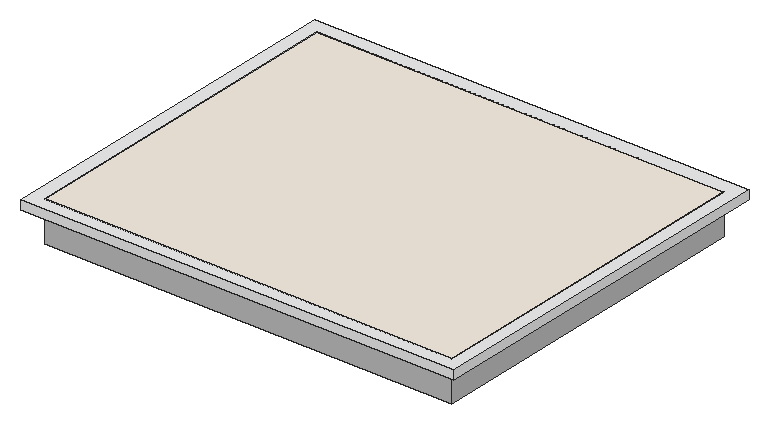
Revit family "Lighting-Industriale-GEWISS-ELIA-HL-LED_RIFLETTORE", category Apparecchi per illuminazione, host Superficie, Revit 2019 (continued)
Types (12, lengths in mm): name | Tensione | Scheda Tecnica | Potenza di sistema | Peso (kg): | Peso (kg) | Ottica | built-in parameter 1150142 | Lumen output (lm) | Modello | IDT | File diagramma fotometrico | Description
    3.20 4720.80 4561.20 \r\n4397.40 4233.60 4076.80 3921.40 3766.00 3614.80 3469.20 \r\n3326.40 3183.60 3045.00 2907.80 2775.36 2650.48 2530.08 \r\n2412.48 2297.68 2183.44 2072.42 1966.44 1863.82 1762.60 \r\n1663.76 1566.46 1471.96 1380.82 1293.46 1210.86 1133.16 \r\n1060.92 993.16 929.88 869.82 811.58 755.86 703.50 652.96 \r\n603.54 555.66 509.88 466.06 424.20 384.02 344.96 308.42 \r\n275.70 245.55 217.20 190.57 165.23 141.55 119.85 99.88 \r\n81.31 64.58 49.95 37.44 27.14 19.13 13.72 10.39 8.66 8.69 \r\n8142.40 8142.40 8142.40 8145.20 8146.60 8148.00 8150.80 \r\n8153.60 8156.40 8160.60 8163.40 8167.60 8173.20 8177.40 \r\n8183.00 8188.60 8195.60 8201.20 8209.60 8216.60 8225.00 \r\n8232.00 8240.40 8247.40 8255.80 8262.80 8269.80 8278.20 \r\n8286.60 8293.60 8302.00 8310.40 8318.80 8327.20 8337.00 \r\n8346.80 8356.60 8367.80 8377.60 8388.80 8398.60 8409.80 \r\n8419.60 8430.80 8442.00 8451.80 8463.00 8474.20 8484.00 \r\n8496.60 8507.80 8519.00 8530.20 8541.40 8551.20 8562.40 \r\n8573.60 8583.40 8594.60 8603.00 8611.40 8617.00 8624.00 \r\n8628.20 8633.80 8636.60 8639.40 8639.40 8639.40 8636.60 \r\n8633.80 8631.00 8625.40 8618.40 8608.60 8597.40 8584.80 \r\n8570.80 8552.60 8535.80 8514.80 8493.80 8470.00 8444.80 \r\n8416.80 8387.40 8355.20 8320.20 8282.40 8246.00 8205.40 \r\n8157.80 8106.00 8048.60 7987.00 7919.80 7845.60 7760.20 \r\n7665.00 7560.00 7446.60 7329.00 7204.40 7081.20 6953.80 \r\n6818.00 6669.60 6507.20 6335.00 6151.60 5964.00 5776.40 \r\n5590.20 5409.60 5229.00 5054.00 4883.20 4722.20 4562.60 \r\n4397.40 4235.00 4076.80 3922.80 3767.40 3614.80 3470.60 \r\n3329.20 3186.40 3045.00 2909.20 2777.18 2652.02 2531.20 \r\n2412.76 2297.12 2183.44 2072.98 1967.28 1864.38 1763.44 \r\n1664.46 1567.30 1472.66 1381.52 1294.16 1211.28 1133.44 \r\n1061.06 993.30 929.88 869.82 811.72 756.00 703.36 652.96 \r\n603.54 555.80 510.30 466.62 424.48 384.30 345.38 308.98 \r\n276.04 245.74 217.32 190.65 165.37 141.74 120.01 99.97 \r\n81.42 64.71 49.99 37.44 27.17 19.24 13.86 10.51 8.74 8.69 \r\n8142.40 8142.40 8142.40 8145.20 8146.60 8148.00 8149.40 \r\n8153.60 8156.40 8159.20 8163.40 8167.60 8173.20 8177.40 \r\n8183.00 8188.60 8195.60 8201.20 8209.60 8216.60 8225.00 \r\n8232.00 8240.40 8247.40 8255.80 8264.20 8269.80 8278.20 \r\n8286.60 8295.00 8302.00 8311.80 8320.20 8330.00 8338.40 \r\n8348.20 8358.00 8369.20 8380.40 8390.20 8400.00 8409.80 \r\n8421.00 8430.80 8442.00 8453.20 8465.80 8475.60 8486.80 \r\n8496.60 8509.20 8520.40 8531.60 8542.80 8554.00 8565.20 \r\n8575.00 8586.20 8594.60 8603.00 8611.40 8619.80 8625.40 \r\n8631.00 8635.20 8639.40 8640.80 8642.20 8640.80 8639.40 \r\n8636.60 8632.40 8628.20 8619.80 8611.40 8600.20 8587.60 \r\n8572.20 8555.40 8535.80 8517.60 8495.20 8472.80 8446.20 \r\n8418.20 8387.40 8356.60 8321.60 8285.20 8246.00 8204.00 \r\n8157.80 8107.40 8050.00 7988.40 7919.80 7845.60 7761.60 \r\n7666.40 7560.00 7448.00 7329.00 7204.40 7082.60 6952.40 \r\n6815.20 6669.60 6507.20 6335.00 6151.60 5965.40 5777.80 \r\n5593.00 5409.60 5230.40 5055.40 4884.60 4723.60 4562.60 \r\n4398.80 4235.00 4078.20 3924.20 3768.80 3617.60 3472.00 \r\n3329.20 3187.80 3047.80 2912.00 2779.28 2653.84 2532.46 \r\n2413.32 2296.98 2183.58 2073.68 1968.12 1865.36 1764.42 \r\n1665.58 1568.28 1473.64 1382.36 1295.00 1212.26 1134.14 \r\n1061.76 993.86 930.30 870.10 811.86 756.28 703.50 652.96 \r\n603.68 556.22 510.86 467.32 425.18 384.58 345.80 309.40 \r\n276.56 246.08 217.55 190.83 165.59 142.02 120.23 100.13 \r\n81.58 64.83 50.06 37.44 27.23 19.36 13.99 10.63 8.82 8.70 \r\n8142.40 8142.40 8142.40 8143.80 8146.60 8148.00 8150.80 \r\n8153.60 8156.40 8159.20 8163.40 8167.60 8173.20 8177.40 \r\n8183.00 8188.60 8194.20 8201.20 8209.60 8216.60 8225.00 \r\n8232.00 8240.40 8248.80 8255.80 8264.20 8271.20 8278.20 \r\n8286.60 8295.00 8304.80 8311.80 8320.20 8330.00 8339.80 \r\n8349.60 8360.80 8369.20 8380.40 8390.20 8401.40 8412.60 \r\n8422.40 8432.20 8444.80 8454.60 8465.80 8477.00 8486.80 \r\n8499.40 8509.20 8521.80 8533.00 8544.20 8554.00 8565.20 \r\n8576.40 8586.20 8597.40 8605.80 8614.20 8621.20 8628.20 \r\n8633.80 8638.00 8640.80 8643.60 8643.60 8642.20 8640.80 \r\n8638.00 8633.80 8628.20 8621.20 8612.80 8603.00 8589.00 \r\n8573.60 8556.80 8538.60 8519.00 8498.00 8472.80 8447.60 \r\n8419.60 8388.80 8356.60 8323.00 8285.20 8247.40 8205.40 \r\n8159.20 8107.40 8050.00 7988.40 7921.20 7845.60 7761.60 \r\n7666.40 7561.40 7448.00 7329.00 7205.80 7082.60 6952.40 \r\n6815.20 6668.20 6507.20 6335.00 6154.40 5966.80 5779.20 \r\n5594.40 5411.00 5231.80 5056.80 4886.00 4723.60 4564.00 \r\n4400.20 4236.40 4078.20 3924.20 3770.20 3619.00 3474.80 \r\n3332.00 3189.20 3050.60 2913.40 2781.52 2655.80 2533.86 \r\n2413.74 2296.84 2184.00 2074.66 1969.24 1866.62 1765.68 \r\n1666.84 1569.54 1474.90 1383.48 1296.12 1213.38 1135.12 \r\n1062.60 994.56 930.86 870.38 812.28 756.70 703.92 653.10 \r\n603.96 556.64 511.42 468.02 425.74 385.14 346.36 310.24 \r\n277.10 246.48 217.85 191.10 165.89 142.35 120.51 100.34 \r\n81.77 65.00 50.15 37.46 27.29 19.48 14.12 10.75 8.89 8.71 \r\n8142.40 8142.40 8142.40 8143.80 8146.60 8149.40 8150.80 \r\n8153.60 8156.40 8159.20 8163.40 8167.60 8173.20 8177.40 \r\n8183.00 8188.60 8194.20 8201.20 8209.60 8216.60 8225.00 \r\n8232.00 8240.40 8248.80 8255.80 8264.20 8272.60 8279.60 \r\n8288.00 8296.40 8304.80 8314.60 8321.60 8331.40 8341.20 \r\n8351.00 8360.80 8370.60 8381.80 8393.00 8402.80 8412.60 \r\n8423.80 8433.60 8444.80 8456.00 8467.20 8478.40 8489.60 \r\n8499.40 8512.00 8523.20 8534.40 8545.60 8556.80 8568.00 \r\n8577.80 8589.00 8597.40 8608.60 8615.60 8624.00 8629.60 \r\n8635.20 8639.40 8642.20 8643.60 8645.00 8643.60 8642.20 \r\n8639.40 8635.20 8629.60 8624.00 8614.20 8603.00 8591.80 \r\n8576.40 8559.60 8540.00 8521.80 8499.40 8475.60 8449.00 \r\n8421.00 8391.60 8359.40 8323.00 8285.20 8247.40 8205.40 \r\n8159.20 8107.40 8051.40 7989.80 7921.20 7845.60 7761.60 \r\n7666.40 7560.00 7446.60 7329.00 7205.80 7081.20 6951.00 \r\n6813.80 6666.80 6505.80 6335.00 6154.40 5968.20 5782.00 \r\n5595.80 5412.40 5233.20 5056.80 4886.00 4723.60 4564.00 \r\n4398.80 4236.40 4078.20 3924.20 3770.20 3621.80 3476.20 \r\n3333.40 3190.60 3050.60 2914.80 2784.04 2657.76 2535.26 \r\n2414.30 2296.70 2184.28 2075.78 1970.50 1867.88 1767.22 \r\n1668.52 1571.08 1476.30 1384.88 1297.38 1214.64 1136.52 \r\n1063.72 995.54 931.56 870.80 812.70 757.26 704.20 653.38 \r\n604.24 557.06 511.98 468.72 426.44 385.84 347.20 311.08 \r\n277.72 246.99 218.25 191.42 166.25 142.74 120.83 100.59 \r\n81.98 65.20 50.25 37.49 27.36 19.61 14.25 10.86 8.96 8.72 \r\n8142.40 8142.40 8142.40 8143.80 8146.60 8149.40 8150.80 \r\n8153.60 8156.40 8159.20 8163.40 8167.60 8173.20 8177.40 \r\n8183.00 8188.60 8194.20 8202.60 8209.60 8216.60 8225.00 \r\n8233.40 8240.40 8248.80 8257.20 8264.20 8272.60 8279.60 \r\n8288.00 8296.40 8306.20 8314.60 8324.40 8332.80 8342.60 \r\n8352.40 8362.20 8373.40 8383.20 8393.00 8404.20 8414.00 \r\n8423.80 8435.00 8446.20 8457.40 8468.60 8478.40 8489.60 \r\n8502.20 8512.00 8524.60 8535.80 8545.60 8556.80 8568.00 \r\n8579.20 8590.40 8600.20 8610.00 8618.40 8625.40 8632.40 \r\n8636.60 8642.20 8645.00 8645.00 8645.00 8645.00 8643.60 \r\n8640.80 8636.60 8631.00 8625.40 8615.60 8605.80 8591.80 \r\n8577.80 8561.00 8542.80 8523.20 8500.80 8477.00 8449.00 \r\n8421.00 8391.60 8359.40 8324.40 8285.20 8247.40 8205.40 \r\n8159.20 8107.40 8051.40 7989.80 7922.60 7847.00 7760.20 \r\n7666.40 7560.00 7446.60 7329.00 7205.80 7081.20 6951.00 \r\n6812.40 6665.40 6507.20 6336.40 6155.80 5969.60 5783.40 \r\n5597.20 5415.20 5234.60 5058.20 4887.40 4725.00 4565.40 \r\n4400.20 4236.40 4079.60 3924.20 3773.00 3623.20 3479.00 \r\n3334.80 3192.00 3053.40 2917.60 2786.42 2660.14 2536.94 \r\n2415.00 2296.70 2184.84 2077.04 1971.90 1869.42 1768.76 \r\n1670.06 1572.62 1477.84 1386.42 1298.92 1216.18 1137.92 \r\n1065.12 996.52 932.40 871.50 813.26 757.82 704.62 653.66 \r\n604.66 557.62 512.82 469.56 427.14 386.26 347.90 311.78 \r\n278.52 247.56 218.69 191.79 166.64 143.19 121.20 100.86 \r\n82.22 65.41 50.36 37.53 27.45 19.73 14.38 10.97 9.03 8.73 \r\n8142.40 8142.40 8143.80 8143.80 8146.60 8149.40 8150.80 \r\n8153.60 8156.40 8159.20 8162.00 8167.60 8173.20 8177.40 \r\n8183.00 8188.60 8194.20 8202.60 8209.60 8216.60 8225.00 \r\n8233.40 8240.40 8248.80 8257.20 8265.60 8274.00 8282.40 \r\n8289.40 8297.80 8306.20 8316.00 8324.40 8334.20 8344.00 \r\n8353.80 8365.00 8373.40 8384.60 8394.40 8405.60 8415.40 \r\n8426.60 8436.40 8447.60 8458.80 8468.60 8479.80 8492.40 \r\n8502.20 8514.80 8526.00 8535.80 8548.40 8559.60 8570.80 \r\n8580.60 8591.80 8601.60 8611.40 8619.80 8626.80 8633.80 \r\n8639.40 8643.60 8646.40 8646.40 8646.40 8646.40 8645.00 \r\n8642.20 8638.00 8633.80 8625.40 8618.40 8607.20 8594.60 \r\n8579.20 8562.40 8544.20 8524.60 8502.20 8477.00 8451.80 \r\n8422.40 8393.00 8360.80 8324.40 8286.60 8247.40 8205.40 \r\n8159.20 8107.40 8052.80 7991.20 7922.60 7847.00 7760.20 \r\n7665.00 7558.60 7446.60 7327.60 7204.40 7081.20 6949.60 \r\n6812.40 6664.00 6505.80 6336.40 6155.80 5969.60 5784.80 \r\n5600.00 5415.20 5234.60 5058.20 4887.40 4725.00 4564.00 \r\n4400.20 4236.40 4079.60 3925.60 3773.00 3624.60 3479.00 \r\n3336.20 3194.80 3056.20 2920.40 2788.94 2662.24 2538.48 \r\n2415.70 2297.12 2185.68 2078.30 1973.44 1870.82 1770.44 \r\n1671.88 1574.44 1479.38 1387.96 1300.46 1217.58 1139.32 \r\n1066.38 997.78 933.10 872.06 813.82 758.38 705.18 653.94 \r\n605.08 558.18 513.52 470.40 427.84 386.96 348.60 312.62 \r\n279.22 248.16 219.18 192.19 167.08 143.65 121.58 101.15 \r\n82.47 65.60 50.48 37.59 27.52 19.86 14.51 11.08 9.10 8.74 \r\n8142.40 8142.40 8143.80 8143.80 8146.60 8148.00 8150.80 \r\n8153.60 8156.40 8159.20 8163.40 8167.60 8173.20 8176.00 \r\n8183.00 8188.60 8195.60 8202.60 8209.60 8218.00 8225.00 \r\n8233.40 8241.80 8248.80 8257.20 8265.60 8274.00 8282.40 \r\n8290.80 8299.20 8309.00 8316.00 8325.80 8335.60 8345.40 \r\n8353.80 8365.00 8374.80 8386.00 8397.20 8405.60 8416.80 \r\n8426.60 8437.80 8447.60 8458.80 8471.40 8481.20 8492.40 \r\n8503.60 8516.20 8526.00 8538.60 8549.80 8559.60 8570.80 \r\n8582.00 8593.20 8604.40 8612.80 8622.60 8628.20 8635.20 \r\n8640.80 8645.00 8647.80 8649.20 8649.20 8647.80 8646.40 \r\n8643.60 8640.80 8635.20 8628.20 8619.80 8608.60 8596.00 \r\n8582.00 8563.80 8545.60 8526.00 8503.60 8478.40 8453.20 \r\n8422.40 8393.00 8360.80 8325.80 8286.60 8247.40 8206.80 \r\n8159.20 8107.40 8052.80 7992.60 7922.60 7847.00 7760.20 \r\n7663.60 7557.20 7445.20 7326.20 7204.40 7079.80 6949.60 \r\n6811.00 6664.00 6505.80 6336.40 6157.20 5971.00 5786.20 \r\n5600.00 5418.00 5234.60 5059.60 4888.80 4725.00 4565.40 \r\n4401.60 4237.80 4079.60 3925.60 3773.00 3626.00 3481.80 \r\n3337.60 3196.20 3056.20 2923.20 2791.46 2664.34 2540.02 \r\n2416.82 2297.54 2186.52 2079.98 1974.98 1872.36 1771.98 \r\n1673.42 1575.98 1480.92 1389.64 1302.00 1219.26 1141.00 \r\n1067.78 999.04 934.08 872.76 814.66 759.08 705.46 654.36 \r\n605.36 558.74 514.22 471.24 428.54 387.52 349.44 313.60 \r\n280.10 248.79 219.70 192.65 167.54 144.12 121.98 101.47 \r\n82.74 65.83 50.62 37.67 27.62 19.99 14.63 11.18 9.17 8.75 \r\n8142.40 8142.40 8143.80 8143.80 8146.60 8148.00 8150.80 \r\n8153.60 8156.40 8159.20 8163.40 8167.60 8173.20 8176.00 \r\n8183.00 8188.60 8195.60 8202.60 8209.60 8218.00 8225.00 \r\n8233.40 8241.80 8250.20 8257.20 8265.60 8274.00 8282.40 \r\n8290.80 8300.60 8309.00 8318.80 8327.20 8337.00 8345.40 \r\n8356.60 8366.40 8377.60 8386.00 8397.20 8408.40 8416.80 \r\n8428.00 8437.80 8449.00 8460.20 8471.40 8482.60 8493.80 \r\n8505.00 8516.20 8528.80 8538.60 8549.80 8562.40 8573.60 \r\n8584.80 8596.00 8605.80 8614.20 8622.60 8631.00 8638.00 \r\n8642.20 8647.80 8649.20 8650.60 8650.60 8650.60 8647.80 \r\n8645.00 8642.20 8636.60 8629.60 8621.20 8610.00 8597.40 \r\n8582.00 8565.20 8547.00 8526.00 8505.00 8479.80 8451.80 \r\n8423.80 8394.40 8360.80 8325.80 8288.00 8247.40 8205.40 \r\n8159.20 8107.40 8052.80 7992.60 7924.00 7845.60 7758.80 \r\n7662.20 7555.80 7443.80 7324.80 7204.40 7078.40 6948.20 \r\n6809.60 6662.60 6504.40 6336.40 6157.20 5972.40 5787.60 \r\n5601.40 5418.00 5237.40 5059.60 4888.80 4726.40 4564.00 \r\n4400.20 4237.80 4079.60 3925.60 3775.80 3627.40 3481.80 \r\n3339.00 3197.60 3059.00 2923.20 2793.56 2666.30 2541.56 \r\n2417.80 2298.24 2187.64 2081.52 1976.52 1873.90 1773.66 \r\n1675.24 1577.66 1482.60 1391.04 1303.54 1220.80 1142.54 \r\n1069.18 1000.30 935.06 873.46 815.22 759.64 706.02 654.78 \r\n606.06 559.30 514.92 472.08 429.24 388.36 350.14 314.44 \r\n280.85 249.42 220.25 193.12 168.00 144.59 122.39 101.79 \r\n83.01 66.04 50.76 37.76 27.73 20.12 14.76 11.28 9.23 8.76 \r\n8142.40 8142.40 8143.80 8143.80 8146.60 8148.00 8150.80 \r\n8153.60 8156.40 8159.20 8163.40 8167.60 8173.20 8176.00 \r\n8183.00 8190.00 8195.60 8202.60 8209.60 8218.00 8225.00 \r\n8233.40 8241.80 8250.20 8258.60 8267.00 8275.40 8283.80 \r\n8292.20 8300.60 8309.00 8318.80 8328.60 8338.40 8348.20 \r\n8356.60 8366.40 8377.60 8387.40 8398.60 8408.40 8419.60 \r\n8429.40 8439.20 8450.40 8461.60 8472.80 8484.00 8495.20 \r\n8506.40 8519.00 8528.80 8541.40 8552.60 8563.80 8575.00 \r\n8586.20 8597.40 8607.20 8617.00 8624.00 8632.40 8639.40 \r\n8645.00 8647.80 8650.60 8652.00 8652.00 8650.60 8649.20 \r\n8646.40 8642.20 8636.60 8631.00 8622.60 8612.80 8598.80 \r\n8583.40 8566.60 8548.40 8527.40 8506.40 8479.80 8453.20 \r\n8425.20 8394.40 8360.80 8325.80 8288.00 8248.80 8206.80 \r\n8159.20 8108.80 8054.20 7994.00 7924.00 7845.60 7758.80 \r\n7660.80 7554.40 7442.40 7323.40 7203.00 7077.00 6948.20 \r\n6808.20 6661.20 6503.00 6335.00 6157.20 5972.40 5787.60 \r\n5602.80 5418.00 5237.40 5061.00 4890.20 4726.40 4565.40 \r\n4400.20 4239.20 4079.60 3925.60 3775.80 3628.80 3483.20 \r\n3340.40 3199.00 3060.40 2926.00 2796.08 2668.26 2543.24 \r\n2418.92 2299.22 2188.90 2083.20 1978.34 1875.58 1775.20 \r\n1676.78 1579.06 1483.86 1392.58 1305.08 1222.34 1144.22 \r\n1070.72 1001.42 935.90 874.02 815.78 760.20 706.44 655.06 \r\n606.34 559.86 515.62 472.64 429.94 388.92 350.98 315.28 \r\n281.64 250.05 220.79 193.59 168.48 145.04 122.79 102.10 \r\n83.26 66.25 50.92 37.86 27.84 20.25 14.87 11.38 9.29 8.77 \r\n8142.40 8142.40 8143.80 8143.80 8146.60 8148.00 8150.80 \r\n8153.60 8156.40 8159.20 8163.40 8167.60 8173.20 8176.00 \r\n8183.00 8190.00 8197.00 8202.60 8211.00 8218.00 8226.40 \r\n8234.80 8241.80 8250.20 8258.60 8267.00 8275.40 8283.80 \r\n8292.20 8300.60 8310.40 8318.80 8328.60 8338.40 8348.20 \r\n8358.00 8369.20 8377.60 8387.40 8398.60 8409.80 8419.60 \r\n8430.80 8440.60 8451.80 8461.60 8474.20 8485.40 8496.60 \r\n8509.20 8519.00 8531.60 8542.80 8554.00 8566.60 8577.80 \r\n8589.00 8600.20 8610.00 8618.40 8626.80 8633.80 8640.80 \r\n8646.40 8649.20 8652.00 8654.80 8654.80 8652.00 8650.60 \r\n8647.80 8643.60 8638.00 8632.40 8622.60 8614.20 8600.20 \r\n8584.80 8568.00 8548.40 8528.80 8506.40 8481.20 8454.60 \r\n8425.20 8394.40 8362.20 8327.20 8289.40 8250.20 8208.20 \r\n8160.60 8110.20 8055.60 7995.40 7925.40 7845.60 7757.40 \r\n7659.40 7553.00 7438.20 7323.40 7201.60 7078.40 6948.20 \r\n6808.20 6659.80 6503.00 6335.00 6155.80 5972.40 5787.60 \r\n5601.40 5418.00 5237.40 5062.40 4891.60 4726.40 4564.00 \r\n4401.60 4239.20 4079.60 3924.20 3775.80 3628.80 3484.60 \r\n3340.40 3199.00 3060.40 2927.40 2796.92 2669.10 2544.50 \r\n2421.02 2302.30 2192.26 2086.14 1980.30 1876.84 1776.32 \r\n1677.76 1580.04 1484.56 1393.28 1305.92 1223.18 1145.06 \r\n1071.56 1002.40 936.60 874.58 816.20 760.48 707.00 655.62 \r\n606.76 560.28 515.76 472.78 430.08 389.20 351.26 315.70 \r\n282.00 250.49 221.28 194.12 168.90 145.33 123.06 102.40 \r\n83.48 66.42 51.09 38.04 27.98 20.37 14.98 11.47 9.35 8.78 \r\n8142.40 8142.40 8143.80 8143.80 8146.60 8148.00 8150.80 \r\n8153.60 8156.40 8159.20 8163.40 8167.60 8173.20 8177.40 \r\n8183.00 8190.00 8197.00 8202.60 8211.00 8218.00 8226.40 \r\n8234.80 8243.20 8253.00 8260.00 8268.40 8276.80 8285.20 \r\n8293.60 8303.40 8311.80 8321.60 8330.00 8338.40 8348.20 \r\n8359.40 8369.20 8379.00 8388.80 8398.60 8409.80 8421.00 \r\n8430.80 8442.00 8451.80 8463.00 8475.60 8486.80 8496.60 \r\n8509.20 8521.80 8533.00 8545.60 8556.80 8568.00 8579.20 \r\n8590.40 8601.60 8612.80 8621.20 8628.20 8636.60 8643.60 \r\n8649.20 8652.00 8654.80 8654.80 8654.80 8654.80 8653.40 \r\n8650.60 8646.40 8640.80 8633.80 8625.40 8614.20 8601.60 \r\n8586.20 8569.40 8549.80 8530.20 8507.80 8482.60 8454.60 \r\n8426.60 8395.80 8363.60 8328.60 8290.80 8251.60 8209.60 \r\n8163.40 8111.60 8058.40 7996.80 7925.40 7845.60 7756.00 \r\n7658.00 7551.60 7436.80 7320.60 7201.60 7077.00 6946.80 \r\n6808.20 6659.80 6501.60 6335.00 6155.80 5971.00 5784.80 \r\n5600.00 5418.00 5237.40 5062.40 4890.20 4726.40 456
